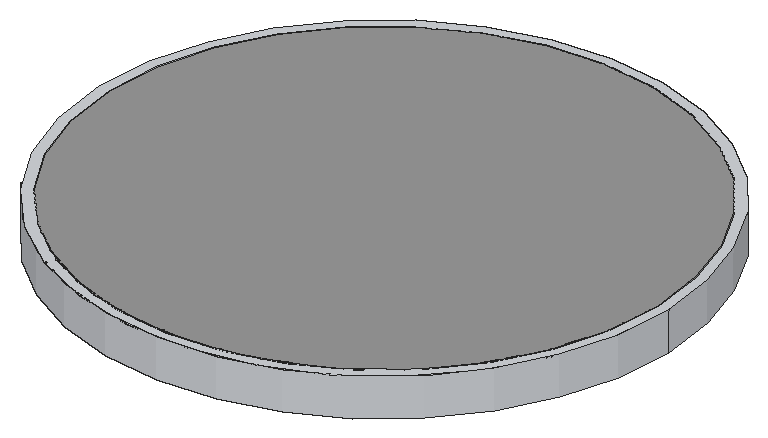
Revit family "2071257", category Lighting Fixtures, host Face, Revit 2018
Family settings
  Host = Face
  Round Connector Dimension = Use Diameter
  Part Type = Normal
  OmniClass Number = 23.80.70.00
  OmniClass Title = Lighting
  Cut with Voids When Loaded = No
  Light Source = Yes
  Shared = No
  Room Calculation Point = No
Parameters (values of type "2071257 COLOSSAL 900 830 OP DIR+H WHT DALI")
  iner diameter = 856 mm
  Weight = "n/a"
  Wattage Comments = ""
  Wattage = 30 W
  WarrantyStartDate [instance] = "n/a"
  WarrantyGuarantorParts = "n/a"
  WarrantyDurationUnit = "n/a"
  WarrantyDurationParts = ""
  WarrantyDescription = "http://www.sylvania-lighting.com"
  built-in parameter 1150110 = 1 (stored number, unit not read)
  Voltage = 230 V
  URL = "0.95"
  TypeName = "COLOSSAL 900mm 830 OPAL DIR+HAL WHITE DALI"
  Type Image = <None>
  Type Comments = "n/a"
  built-in parameter 1114217 = 1 (stored number, unit not read)
  Tilt Angle = -90.00°
  built-in parameter 1150109 = 1 (stored number, unit not read)
  built-in parameter 1150134 = (empty or 0)
  built-in parameter 1150113 = 1 (stored number, unit not read)
  SerialNumber [instance] = "n/a"
  Photometric Web File = "2071257.ies"
  Material_3_SYL = LED-Sylvania
  PowerFactor = 0
  PowerConsumption = "Lighting"
  NominalLength = 888 mm
  NominalHeight = 93 mm
  NominalDepth = 888 mm
  Name = "COLOSSAL 900mm 830 OPAL DIR+HAL WHITE DALI"
  ModelReference = Name  # "COLOSSAL 900mm 830 OPAL DIR+HAL WHITE DALI"
  ModelNumber = "2071257"
  Model = Name  # "COLOSSAL 900mm 830 OPAL DIR+HAL WHITE DALI"
  Material = "Feilo Sylvania"
  ManufacturerName = "137 lm/W"
  Manufacturer = ""
  LuminousEfficacy = ""
  built-in parameter 1150105 = 270.44 (stored number, unit not read)
  Lumens = 3398.4 lm
  LuminaireType = "0"
  built-in parameter 1150115 = 1 (stored number, unit not read)
  LightOutputRatio = "LED"
  built-in parameter 1150137 = (empty or 0)
  built-in parameter 1150139 = (empty or 0)
  LampsType = Lamp  # "n/a"
  LampNominalLuminous = "3000 K"
  LampMacAdamStep = "80"
  LampColourTemperature = "LED"
  LampColourRenderingIndex = "16500"
  built-in parameter 1150112 = 1 (stored number, unit not read)
  built-in parameter 1150114 = 1 (stored number, unit not read)
  Lamp = "n/a"
  Keynote = "n/a"
  InstallationDate [instance] = "n/a"
  InputVoltage = "0"
  InputNominalFrequency = "3000"
  built-in parameter 1150132 = (empty or 0)
  built-in parameter 1150102 = (empty or 0)
  built-in parameter 1150107 = 3000 (stored number, unit not read)
  built-in parameter 1150138 = (empty or 0)
  IngressProtection = "IfcLightFixtureType"
  ImpactProtectionIndex = "IfcLightFixtureType"
  built-in parameter 1150106 = 2.7044 (stored number, unit not read)
  IfcExportType = "IfcLightFixtureType"
  IfcExportAs = "Class I"
  Emit from Circle Diameter = 385 mm
  Emit Shape Visible in Rendering = no
  ElectricShockClassification = "137"
  built-in parameter 1150104 = 10.524 (stored number, unit not read)
  DocumentationLiterature = "http://www.sylvania-lighting.com/product/en-int/products/2071257"
  DimmingControlOptions = "n/a"
  Material_2_SYL = Polycarbonate_Sylvania_White
  Dimming Lamp Color Temperature Shift = <None>
  Description = "900mm diameter circular architectural luminaire, can be surface mounted or suspended. Powder coated aluminium housing (RAL9016) with polycarbonate opal diffuser. Direct/indirect (halo) light distribution, 10505lm luminuous flux, 76.8W system power, 137lm/W luminiaire efficacy. DALI dimmable. Colour rendering index Ra >80, 3000K Warm White LED, chromaticity tolerance of 3-step MacAdam ellipse. IP40/IP20, IK03. 450mA drive current. Electrical protection Class1, 220-240V. Reported lifetime 66k hours L90B10."
  Default Elevation = 1219.2 mm
  CreatedOn = "23/03/2022"
  CreatedBy = "@sylvania-lighting.com"
  Cost = 0
  Color Filter = 16777215
  built-in parameter 1114216 [instance] = (empty or 0)
  ClassificationValue = "EF_70_80"
  ClassificationName = "Uniclass2015"
  Material_1_SYL = Polycarbonate_Sylvania_Opal
  BarCode [instance] = "n/a"
  built-in parameter 1114218 = 1 (stored number, unit not read)
  built-in parameter 1150133 = 10 (stored number, unit not read)
  AssetType = "Fixed"
  AssetIdentifier [instance] = "n/a"
  Assembly Code = "D5020200"
  Apparent Load = 76.8 VA
  Material_4_SYL = none
Reference planes
  plane 1 "Center (Front/Back)": y = 0
  plane 2: z = 0
  plane 3 "Center (Left/Right)": x = 0
  plane 4: z = 1.161
  plane 5: z = 16.161
  plane 6: x = -444
  plane 7: x = 444
  plane 8: y = 444
  plane 9: y = -444
  plane 10: y = 236
  plane 11: y = -236
  plane 12: x = 85
  plane 13: x = -85
  plane 14: through (0, 0, 1219.2) normal (0.5, 0.866, 0)
  plane 15: through (42.5, 73.612, 1219.2) normal (0.5, 0.866, 0)
  plane 16: through (-42.5, -73.612, 1219.2) normal (0.5, 0.866, 0)
  plane 17: through (0, 0, 1219.2) normal (0.5, -0.866, 0)
  plane 18: through (-42.5, 73.612, 1219.2) normal (0.5, -0.866, 0)
  plane 19: through (42.5, -73.612, 1219.2) normal (0.5, -0.866, 0)
  plane 20: z = 93
  plane 21: y = 428
  plane 22: y = -428
Forms (mm)
  Extrusion 1, solid, detail levels medium+fine
    sketch origin (0, 0, 0) x (0.866025, -0.5, 0) y (0.5, 0.866025, 0)
      loop
        circle (-50, 86.603) r 22
    from 0 to 2
  Extrusion 2, solid, detail levels medium+fine
    sketch origin (0, 0, 0) x (0.866025, -0.5, 0) y (0.5, 0.866025, 0)
      loop
        circle (100, 0) r 22
      loop
        circle (-50, -86.603) r 22
    from 0 to 2
  Blend 3, solid, detail levels medium+fine
    base sketch origin (0, 0, 0) x (1, 0, 0) y (0, 1, 0)
      loop
        line (-85, 236) -> (-246.882, -44.388) -> (-161.882, -191.612) -> (161.882, -191.612) -> (246.882, -44.388) -> (85, 236) -> (-85, 236)
    top sketch origin (0, 0, 0) x (1, 0, 0) y (0, 1, 0)
      loop
        line (-85, 283.076) -> (-287.651, -67.926) -> (-207.792, -218.119) -> (207.792, -218.119) -> (292.5, -71.401) -> (85, 283.076) -> (-85, 283.076)
    from 0 to 33.022
  Extrusion 4, solid, detail levels medium+fine
    sketch origin (0, 0, 0) x (1, 0, 0) y (0, 1, 0)
      loop
        circle (0, 0) r 444
    from 33.022 to 93
  Extrusion 5, void
    sketch origin (0, 0, 0) x (1, 0, 0) y (0, 1, 0)
      loop
        circle (0, 0) r 428
    from 96.588 to 37.292
  Extrusion 6, solid, material "Glass, White, High Luminance", detail levels fine
    sketch origin (0, 0, 0) x (1, 0, 0) y (0, 1, 0)
      loop
        circle (0, 0) r 428
    from 87.991 to 93
  Extrusion 7, solid, detail levels coarse
    sketch origin (0, 0, 0) x (1, 0, 0) y (0, 1, 0)
      loop
        line (-444, 444) -> (-444, -444) -> (444, -444) -> (444, 444) -> (-444, 444)
    from 0 to 93.648
Cuts and joins
  Extrusion 5 cuts Extrusion 1
  Extrusion 5 cuts Extrusion 2
  Extrusion 5 cuts Blend 3
  Extrusion 5 cuts Extrusion 4
Lines and regions (mm)
  model lines, detail levels medium+fine
    curve 1: circle (0, 0, 0) r 100 normal (0, 0, 1)
Dimensions and locks
  "NominalDepth": plane 8 to plane 9
  plane 8 to plane 1 "Center (Front/Back)" to plane 9 = 444 mm, 444 mm
  "NominalLength": plane 6 to plane 7
  equal spacing: plane 6, plane 3 "Center (Left/Right)", plane 7
  "NominalHeight": level to plane 20
  "iner diameter": plane 21 to plane 22
  equal spacing: plane 21, plane 1 "Center (Front/Back)", plane 22
  aligned and locked: plane 2 to host face
  aligned and locked: level to host face
Automatic sketch dimensions
  host sketch curve to host sketch curve = 2438.4 mm  (x2)
  Extrusion 1 sketch curve to plane 3 "Center (Left/Right)" = 0 mm
  Extrusion 1 sketch curve to plane 1 "Center (Front/Back)" = 100 mm
  plane 1 "Center (Front/Back)" to Extrusion 2 sketch curve = 50 mm
  Extrusion 2 sketch curve to plane 3 "Center (Left/Right)" = 86.603 mm
  Extrusion 2 sketch curve to Extrusion 2 sketch curve = 150 mm
  Extrusion 2 sketch curve to Extrusion 2 sketch curve = 86.603 mm
  plane 1 "Center (Front/Back)" to curve 1 = 0 mm
  curve 1 to plane 3 "Center (Left/Right)" = 0 mm
  plane 18 to Blend 3 sketch curve = 0 mm  (x2)
  plane 19 to Blend 3 sketch curve = 0 mm  (x2)
  Blend 3 sketch curve to plane 10 = 0 mm
  Blend 3 sketch curve to plane 13 = 0 mm  (x2)
  Blend 3 sketch curve to plane 12 = 0 mm  (x2)
  Blend 3 sketch curve to plane 16 = 0 mm  (x2)
  Blend 3 sketch curve to plane 15 = 0 mm
  plane 11 to Blend 3 sketch curve = 44.388 mm
  plane 1 "Center (Front/Back)" to Blend 3 sketch curve = 44.388 mm  (x2)
  plane 11 to Blend 3 sketch curve = 17.881 mm
  plane 1 "Center (Front/Back)" to Blend 3 sketch curve = 67.926 mm
  plane 1 "Center (Front/Back)" to Blend 3 sketch curve = 71.401 mm
  Blend 3 sketch curve to plane 7 = 151.5 mm
  plane 10 to Blend 3 sketch curve = 47.076 mm
  plane 1 "Center (Front/Back)" to Extrusion 4 sketch curve = 0 mm
  Extrusion 4 sketch curve to plane 3 "Center (Left/Right)" = 0 mm
  plane 1 "Center (Front/Back)" to Extrusion 5 sketch curve = 0 mm
  Extrusion 5 sketch curve to plane 3 "Center (Left/Right)" = 0 mm
  plane 1 "Center (Front/Back)" to Extrusion 6 sketch curve = 0 mm
  Extrusion 6 sketch curve to plane 3 "Center (Left/Right)" = 0 mm
  Extrusion 7 sketch curve to plane 6 = 0 mm
  Extrusion 7 sketch curve to plane 7 = 0 mm
  Extrusion 7 sketch curve to plane 9 = 0 mm
  Extrusion 7 sketch curve to plane 8 = 0 mm
  radius of Extrusion 1 sketch curve = 22 mm
  radius of Extrusion 2 sketch curve = 22 mm  (x2)
  radius of curve 1 = 100 mm
  radius of Extrusion 4 sketch curve = 444 mm
  radius of Extrusion 5 sketch curve = 428 mm
  radius of Extrusion 6 sketch curve = 428 mm
Connectors
  electrical at (0, 0, 0), driven by "Apparent Load", driven by "PowerFactor", driven by "Voltage"
    settings: index 1, voltage 230 V, apparent load 76.8 VA, apparent load phase1 0 VA, apparent load phase2 0 VA, apparent load phase3 0 VA, power factor 0, load classification "Lighting", number of poles 1, system type 30, power factor state 1, is connector primary yes, connector utility no, sub classification motor no, connector description ""
